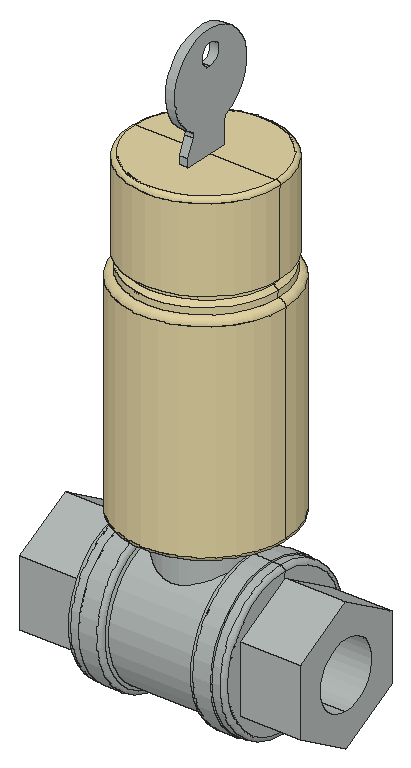
Revit family "QH13500000", category Apparecchi idraulici, Revit 2020
Family settings
  Quota connettore circolare = Usa diametro
  Tipo di parte = Normale
  Numero OmniClass = 23.45.00.00
  Titolo OmniClass = Sanitary, Laundry, and Cleaning Equipment
  Basato su piano di lavoro = No
  Sempre verticale = Sì
  Taglio con vuoti quando caricato = No
  Condiviso = No
  Punto di calcolo locali = No
Parameters
  URL = "https://web.cimberio.com/index.php/figura/727?subcategoria_id=63"
  Temperatura di esercizio = "-20 ÷ 150°C"
  Prospetto di default = 0 mm
  Produttore = "CIMBERIO SPA"
  Pressione nominale = "PN 16"
  Modello = "Cim B12"
  Materiale = "Prodotto in lega di ottone conforme alla norma EN 12165-CW617N-DW"
  Descrizione = "Utilizzato nei più svariati settori dell'impiantistica: impianti di riscaldamento, condizionamento, idrici, igienico-sanitari e in generale con ogni fluido non corrosivo.\r\nParticolarmente indicato come valvola  per la regolazione e contabilizzazione di impianti di riscaldamento singoli o a zone, impianti con utilizzazione di energie alternative, impianti con fluidi caldi o freddi e impianti di automazione in genere"
  DN Model [instance] = QH13501015 : QH13501015
  DN [instance] = 15 mm
  Commenti sul tipo = "Realizzato in ottemperanza ai requisiti gestionali della norma EN ISO 9001.\r\nCollaudato al 100% secondo la normativa EN 12266-1"
Reference planes
  plane 1 "Centro (Fronte/Retro)": y = 0
  plane 2: z = 0
  plane 3 "Centro (Sinistra/Destra)": x = 0
Dimensions and locks
  aligned and locked: level to plane 2
Nested families
  nested 1: "QH13501015" at (0, 0, 0), type <- "DN Model", type "QH13501015"
  nested 2: "QH13501015" at (0, 0, 0), type <- "DN Model", type "QH13501015"
  nested 3: "QH13501015" at (0, 0, 0), type <- "DN Model", type "QH13501015"
Connectors
  piping at (32.05, 0, 0), diameter 15, driven by "DN"
    settings: on nested 1, index 1, connector inside diameter 609.6 mm, connector length 0 mm, flow factor 0, pipe flow 0.0 L/s, pressure drop 0.0 Pa, fitting loss kfactor 0, connector angle 0.00°, fixture units 0, engagement length 0 mm, angle of deflection 0.00°, flow configuration 0, flow direction 0, fitting loss method 0, system type 7, joint type 0, gender type 0, connector reference index -1, connector utility 0, adjustable connector no, is connector primary yes, connector description ""
  piping at (-32.05, 0, 0), diameter 15, driven by "DN"
    settings: on nested 1, index 2, connector inside diameter 609.6 mm, connector length 0 mm, flow factor 0, pipe flow 0.0 L/s, pressure drop 0.0 Pa, fitting loss kfactor 0, connector angle 0.00°, fixture units 0, engagement length 0 mm, angle of deflection 0.00°, flow configuration 0, flow direction 0, fitting loss method 0, system type 7, joint type 0, gender type 0, connector reference index -1, connector utility 0, adjustable connector no, is connector primary no, connector description ""
Definition of nested family "QH13501015"
  Parameters (values of type "QH13501015")
    Default Elevation = 0 mm
  Reference planes
    plane 1 "Centro (Fronte/Retro)": y = 0
    plane 2: z = 0
    plane 3 "Centro (Sinistra/Destra)": x = 0
  Forms (mm)
    Extrusion 1, solid
      sketch origin (0, 0, 0) x (0, 0, -1) y (0, 1, 0)
        loop
          circle (0, 0) r 7.5
        loop
          line (-15, 0) -> (-7.5, -12.99) -> (7.5, -12.99) -> (15, 0) -> (7.5, 12.99) -> (-7.5, 12.99) -> (-15, 0)
      from -32.05 to -18.05
    Extrusion 2, solid
      sketch origin (0, 0, 0) x (0, 0, -1) y (0, -1, 0)
        loop
          circle (0, 0) r 7.5
        loop
          line (-15, 0) -> (-7.5, -12.99) -> (7.5, -12.99) -> (15, 0) -> (7.5, 12.99) -> (-7.5, 12.99) -> (-15, 0)
      from -32.05 to -18.05
    Revolve 3, solid
      sketch origin (0, 0, 0) x (1, 0, 0) y (0, 0, 1)
        loop
          line (-15.05, 17.25) -> (-17.051, 17.25)
          arc (-17.051, 17.25) -> (-17.757, 16.957) -> (-18.05, 16.25) r 1
          line (-18.05, 16.25) -> (-18.05, 7.5) -> (-15.05, 7.5) -> (-15.05, 17.25)
        axis (-18.05, 0) -> (-15.05, 0)
      angle from 0 to 360
    Revolve 4, solid
      sketch origin (0, 0, 0) x (-1, 0, 0) y (0, 0, -1)
        loop
          line (-15.05, -17.25) -> (-15.05, -7.5) -> (-18.05, -7.5) -> (-18.05, -16.25)
          arc (-18.05, -16.25) -> (-17.757, -16.957) -> (-17.051, -17.25) r 1
          line (-17.051, -17.25) -> (-15.05, -17.25)
        axis (-18.05, 0) -> (-15.05, 0)
      angle from 0 to 360
    Revolve 5, solid
      sketch origin (0, 0, 0) x (1, 0, 0) y (0, 0, 1)
        loop
          line (-15.05, -7.5) -> (-15.05, -17.5) -> (-11, -17.5)
          arc (-11, -17.5) -> (-10.293, -17.207) -> (-10, -16.5) r 1
          line (-10, -16.5) -> (-9.771, -15.75) -> (9.455, -15.75) -> (10, -16.529)
          arc (10, -16.529) -> (10.303, -17.217) -> (11, -17.5) r 1
          line (11, -17.5) -> (15.05, -17.5) -> (15.05, -7.5) -> (-15.05, -7.5)
        axis (-15.05, 0) -> (15.05, 0)
      angle from 0 to 360
    Revolve 6, solid
      sketch origin (0, 0, 0) x (1, 0, 0) y (0, 0, 1)
        loop
          line (0, 28.833) -> (0, 8.564) -> (10, 8.564) -> (10, 28.833) -> (0, 28.833)
        axis (0, 28.833) -> (0, 8.564)
      angle from 0 to 360
    Revolve 7, solid
      sketch origin (0, 0, 0) x (1, 0, 0) y (0, 0, 1)
        loop
          line (10.291, 22.3) -> (17.75, 22.3)
          arc (17.75, 22.3) -> (18.1, 22.587) -> (18.25, 23.014) r 0.842
          line (18.25, 23.014) -> (18.25, 70.3)
          arc (18.25, 70.3) -> (17.719, 71.453) -> (16.498, 71.8) r 1.518
          line (16.498, 71.8) -> (16.5, 73.3) -> (15.5, 74.3) -> (15.5, 75.8) -> (17, 75.8) -> (17, 94.8)
          arc (17, 94.8) -> (16.707, 95.507) -> (16, 95.8) r 1
          line (16, 95.8) -> (0, 95.8) -> (0, 29.057) -> (10.291, 29.057) -> (10.291, 22.3)
        axis (0, 95.8) -> (0, 22.3)
      angle from 0 to 360
    Extrusion 8, solid
      sketch origin (-0.019, 51.037, 57.52) x (0, 0, 1) y (0.000364, -1, 0)
        loop
          line (38.28, 57.338) -> (38.28, 47.002) -> (43.63, 47.002)
          arc (43.63, 47.002) -> (44.157, 46.852) -> (44.526, 46.446) r 1
          arc (44.526, 46.446) -> (63.954, 50.68) -> (44.828, 56.118) r 10.25
          arc (44.828, 56.118) -> (44.264, 55.664) -> (43.541, 55.709) r 1
          line (43.541, 55.709) -> (40.024, 57.338) -> (38.28, 57.338)
        loop
          circle (58.709, 51) r 2.5
      from -1 to 1
  Dimensions and locks
    aligned and locked: level to plane 2
